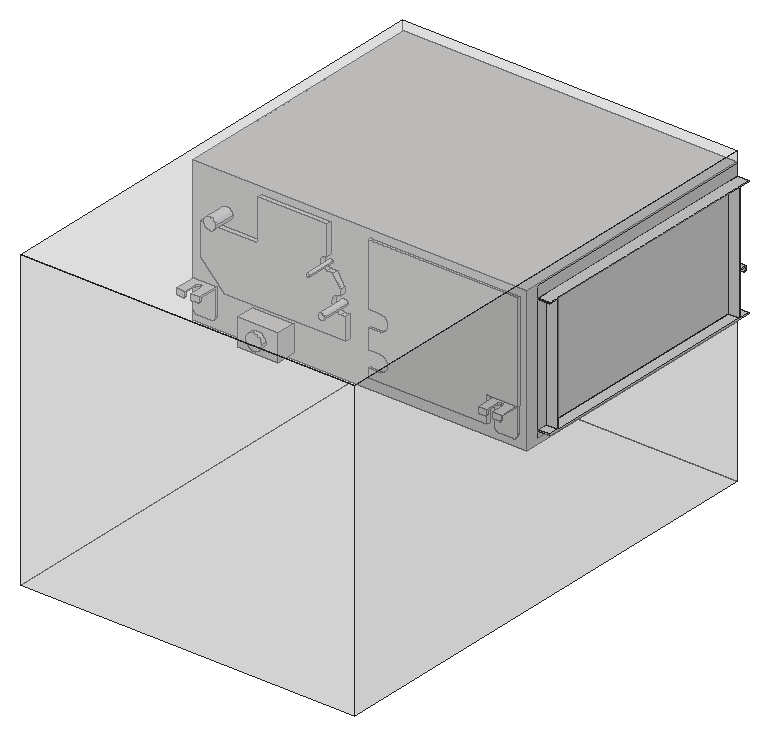
Revit family "outputfile", category 機械設備, Revit 2024
Family settings
  丸型コネクタ寸法 = 半径を使用
  パーツ タイプ = 標準
  OmniClass 番号 = 23.75.10.24.21.27.27
  OmniClass タイトル = Split System Air Conditioning Units
  作業面ベース = いいえ
  常に垂直 = はい
  ロード時にボイドで切り取り = いいえ
  注釈の向きを維持 = いいえ
  共有 = いいえ
  部屋計算ポイント = はい
Parameters (values of type "FXMQ32PAV4")
  Description = ""
  製造元 = "Daikin"
  書き出し IFC クラス(タイプ) = "IfcUnitaryEquipmentType"
  定義済み IFC タイプ(タイプ) = "AIRCONDITIONINGUNIT"
  Cost = 0
  モデル = "FXMQ32PAV4"
  Type Comments = ""
  Keynote = ""
  Type Image = (empty or 0)
  Assembly Code = ""
  r_Liquid Pipe Size = Liquid Pipe Size / 2  # 3.2 mm
  r_Gas Pipe Size = Gas Pipe Size / 2  # 6.35 mm
  r_Drain Pipe Size = Drain Pipe Size / 2  # 12.5 mm
  lw_power = 396.0 mm  # constant formula
  lh_SA = 165.0 mm  # constant formula
  lw_SA = if(Depth = 550.0 mm, 210.0 mm, if(Depth = 700.0 mm, 285.0 mm, if(Depth = 1000.0 mm, 435.0 mm, 635.0 mm)))  # 210.0 mm
  lw_RA = if(Depth = 550.0 mm, 288.0 mm, if(Depth = 700.0 mm, 363.0 mm, if(Depth = 1000.0 mm, 513.0 mm, 713.0 mm)))  # 288.0 mm
  lh_power = 60.0 mm + [h***]  # 60.0 mm
  lh_mountinghole1 = lh_mountinghole + [h***]  # 80.0 mm
  lh_RA = 150.0 mm  # constant formula
  ld_power = Depth / 2  # 275.0 mm
  Voltage_comment_60Hz = "220"
  Voltage_comment_50Hz = "220-240"
  Voltage_60Hz = 220 V
  Voltage_50Hz = 220 V
  URL = ""
  Supply Air Direction [instance] = yes
  Sound Power Level_H speed (dB) = 52
  Phase_60Hz = 1
  Phase_50Hz = 1
  Minimum External Static Pressure = 50.00 Pa
  Minimum Circuit Amps_60Hz = 0.6 A
  Minimum Circuit Amps_50Hz = 0.6 A
  Maximum Fuse Amps_60Hz = 16.0 A
  Maximum Fuse Amps_50Hz = 16.0 A
  Maximum External Static Pressure = 100.00 Pa
  Material_Casing = DAIKIN_GalvanizedSteel_Casing_indoorunit
  lw_mountinghole = 631.0 mm  # constant formula
  lh_gaspipe = 144.0 mm + [h***]  # 144.0 mm
  lh_mountinghole = 80.0 mm  # constant formula
  lh_liquidpipe = 212.0 mm + [h***]  # 212.0 mm
  lh_drainpipe = 232.0 mm + [h***]  # 232.0 mm
  lh_antena = Height - lh_mountinghole + 1.0 mm  # 221.0 mm
  ld_drainpipe = Depth / 2 + 54.0 mm  # 329.0 mm
  ld_liquidpipe = 335.0 mm
  ld_gaspipe = 335.0 mm
  ld_mountinghole = Depth + 38.0 mm  # 588.0 mm
  h*** = 0.0 mm  # constant formula
  lw_liquidpipe = 290.0 mm  # constant formula
  lw_gaspipe = 318.0 mm  # constant formula
  lw_drainpipe = 80.0 mm  # constant formula
  Width = 700.0 mm
  Version = "ver.1.0"
  Unit Type = "Middle-High Static Pressure Duct Type"
  Unit Mass Weight = 25.00 kg
  Unit Designation [instance] = ""
  Uniclass2015Version = "Products v1.30"
  Uniclass2015Title = "Variable refrigerant flow units"
  Uniclass2015Code = "Pr_70_65_03_94"
  Total Heating Capacity [instance] = 0.000 kW
  Total Cooling Capacity [instance] = 0.000 kW
  Sound Pressure Level_M speed (dBA) = 0
  Sound Pressure Level_L speed (dBA) = 30
  Sound Pressure Level_H speed (dBA) = 34
  Series = "VRV Fan Coil Unit"
  Sensible Cooling Capacity [instance] = 0.000 kW
  SA Duct Size Width = if(Depth = 550.0 mm, 310.0 mm, if(Depth = 700.0 mm, 460.0 mm, if(Depth = 1000.0 mm, 760.0 mm, 1160.0 mm)))  # 310.0 mm
  SA Duct Size Height = 215.0 mm
  Refrigerant Type = "R410A"
  RA Duct Size Width = if(Depth = 550.0 mm, 475.0 mm, if(Depth = 700.0 mm, 625.0 mm, if(Depth = 1000.0 mm, 925.0 mm, 1325.0 mm)))  # 475.0 mm
  RA Duct Size Height = 247.0 mm
  Power Input (Heating) = 0.073 kW
  Power Input (Cooling) = 0.085 kW
  Option Accessory 3 [instance] = ""
  Option Accessory 2 [instance] = ""
  Option Accessory 1 [instance] = ""
  Nominal Heating Capacity = 4.000 kW
  Nominal Cooling Capacity = 3.600 kW
  Minimum Airflow = 420.00 m³/h
  Median Airflow = 480.00 m³/h
  Maximum Airflow = 570.00 m³/h
  Load Classification = HVAC
  Liquid Pipe Size = 6.4 mm
  Link_Nested Family [instance] = ""
  IfcVersion = "0"
  IfcExportType = "AIRCONDITIONINGUNIT"
  IfcExportAs = "IfcUnitaryEquipmentType"
  Height = 300.0 mm
  Heating Entering Wet Bulb Temperature [instance] = 0.00 °C
  Heating Entering Dry Bulb Temperature [instance] = 0.00 °C
  Heating Ambient Wet Bulb Temperature [instance] = 0.00 °C
  Heating Ambient Dry Bulb Temperature [instance] = 0.00 °C
  Heat Exchanger Type = "Cross Fin Coil"
  Gas Pipe Size = 12.7 mm
  Frequency_60Hz = 60 Hz
  Frequency_50Hz = 50 Hz
  Fan Type = "Sirocco Fan"
  Fan Drive = "Direct Drive"
  FCU Tag No. [instance] = ""
  Drain Pipe Size = 25.0 mm
  Design Supply Airflow [instance] = 0.00 m³/h
  Design Return Airflow [instance] = 0.00 m³/h
  Design External Static Pressure [instance] = 0.00 Pa
  Depth = 550.0 mm
  既定の高さ = 0.0 mm
  Cooling Entering Wet Bulb Temperature [instance] = 0.00 °C
  Cooling Entering Dry Bulb Temperature [instance] = 0.00 °C
  Cooling Ambient Wet Bulb Temperature [instance] = 0.00 °C
  Cooling Ambient Dry Bulb Temperature [instance] = 0.00 °C
  Clearance visibility [instance] = yes
  Clearance Top = 20.0 mm
  Clearance Right = 0.0 mm
  Clearance Rear = 0.0 mm
  Clearance Left = 0.0 mm
  Clearance Front = 450.0 mm
  Clearance Bottom = 300.0 mm
Reference planes
  plane 1 "Center (Front/Back)": y = 0
  plane 2 "h": z = 0
  plane 3 "Center (Left/Right)": x = 0
  plane 4 "Back": y = 275
  plane 5 "Front": y = -275
  plane 6 "Left": x = -350
  plane 7 "Reight": x = 350
  plane 8 "Top": z = 0
  plane 9 "Bottom": z = -300
  plane 10: y = -215
  plane 11: y = 275
  plane 12: y = -725
  plane 13: x = -350
  plane 14: x = 350
  plane 15: z = 20
  plane 16: z = -600
  plane 17: x = -350
  plane 18: z = -135
  plane 19: x = -349
  plane 20: x = 349
  plane 21: y = 65
  plane 22: y = 13
  plane 23: z = -150
  plane 24: y = -285.8
  plane 25: z = -14
  plane 26: z = -219
  plane 27: x = -324
  plane 28: x = -60
  plane 29: x = -20
  plane 30: z = -156
  plane 31: x = -32
  plane 32: z = -88
  plane 33: x = 23
  plane 34: x = 335
  plane 35: z = -15.8
  plane 36: z = -274.8
  plane 37: z = -219.8
  plane 38: x = 271
  plane 39: x = -223.3
  plane 40: x = -138.3
  plane 41: z = -232.7
  plane 42: z = -288.5
  plane 43: y = -316
  plane 44: x = -181
  plane 45: z = -260
  plane 46: y = -326
  plane 47: z = -163.8
  plane 48: z = -239.8
  plane 49: x = 46
  plane 50: z = -88
  plane 51: x = -60
  plane 52: y = -335
  plane 53: z = -156
  plane 54: x = -32
  plane 55: y = -329
  plane 56: z = -68
  plane 57: x = -270
  plane 58: x = -270
  plane 59: x = -60
  plane 60: x = -32
  plane 61: x = 46
  plane 62: x = -323
  plane 63: x = 308
  plane 64: y = -294
  plane 65: y = 294
  plane 66: z = -220
  plane 67: y = -281
  plane 68: x = -204
  plane 69: z = -100.2
  plane 70: x = -374
  plane 71: x = 374
Forms (mm)
  Extrusion 1, solid, material "DAIKIN_GalvanizedSteel_Casing_indoorunit" <- "Material_Casing"
    sketch origin (0, 0, 0) x (1, 0, 0) y (0, 1, 0)
      loop
        line (-349, 275) -> (-349, -275) -> (349, -275) -> (349, 275) -> (-349, 275)
    from -300 to 0
  Extrusion 2, solid, material "DAIKIN_GalvanizedSteel_Casing_indoorunit" <- "Material_Casing"
    sketch origin (0, 0, 0) x (1, 0, 0) y (0, 0, 1)
      loop
        line (-324, -100.2) -> (-324, -168) -> (-273, -219) -> (-20, -219) -> (-20, -173.5) -> (-32, -173.5)
        arc (-32, -173.5) -> (-49.5, -156) -> (-32, -138.5) r 17.5
        line (-32, -138.5) -> (-32, -127.5) -> (-47, -101) -> (-60, -101)
        arc (-60, -101) -> (-73, -88) -> (-60, -75) r 13
        line (-60, -75) -> (-60, -14) -> (-204, -14) -> (-204, -100.2) -> (-324, -100.2)
    from 275 to 285.8
  Extrusion 3, solid, material "DAIKIN_GalvanizedSteel_Casing_indoorunit" <- "Material_Casing"
    sketch origin (0, 0, 0) x (1, 0, 0) y (0, 0, 1)
      loop
        line (23, -274.8) -> (271, -274.8) -> (271, -219.8) -> (335, -219.8) -> (335, -15.8) -> (23, -15.8) -> (23, -146.3) -> (46, -146.3)
        arc (46, -146.3) -> (63.5, -163.8) -> (46, -181.3) r 17.5
        line (46, -181.3) -> (23, -181.3) -> (23, -222.3) -> (46, -222.3)
        arc (46, -222.3) -> (63.5, -239.8) -> (46, -257.3) r 17.5
        line (46, -257.3) -> (23, -257.3) -> (23, -274.8)
    from 275 to 281
  Extrusion 4, solid, material "DAIKIN_GalvanizedSteel_Casing_indoorunit" <- "Material_Casing"
    sketch origin (0, 0, 0) x (1, 0, 0) y (0, 0, 1)
      loop
        line (-223.3, -232.7) -> (-223.3, -288.5) -> (-138.3, -288.5) -> (-138.3, -232.7) -> (-223.3, -232.7)
    from 275 to 316
  Extrusion 5, solid, material "DAIKIN_GalvanizedSteel_Casing_indoorunit" <- "Material_Casing"
    sketch origin (0, 0, 0) x (1, 0, 0) y (0, 0, 1)
      loop
        circle (-181, -260) r 16.5
    from 316 to 326
  Extrusion 6, solid
    sketch origin (0, 0, 0) x (1, 0, 0) y (0, 0, 1)
      loop
        circle (-60, -88) r 3.2
    from 275 to 335
  Extrusion 7, solid
    sketch origin (0, 0, 0) x (1, 0, 0) y (0, 0, 1)
      loop
        circle (-32, -156) r 6.35
    from 275 to 335
  Extrusion 8, solid
    sketch origin (0, 0, 0) x (1, 0, 0) y (0, 0, 1)
      loop
        circle (-270, -68) r 12.5
    from 285.8 to 329
Dimensions and locks
  "Height": plane 8 "Top" to plane 9 "Bottom"
  equal spacing: plane 4 "Back", plane 1 "Center (Front/Back)", plane 5 "Front"
  "Depth": plane 4 "Back" to plane 5 "Front"
  equal spacing: plane 6 "Left", plane 3 "Center (Left/Right)", plane 7 "Reight"
  "Width": plane 6 "Left" to plane 7 "Reight"
  "Clearance Left": plane 13 to plane 6 "Left"
  "Clearance Right": plane 7 "Reight" to plane 14
  "Clearance Rear": plane 11 to plane 4 "Back"
  "Clearance Front": plane 5 "Front" to plane 12
  "Clearance Top": plane 15 to plane 8 "Top"
  "Clearance Bottom": plane 9 "Bottom" to plane 16
  "lh_SA": plane 18 to plane 9 "Bottom"
  locked: plane 17 to plane 19 at 1
  locked: plane 20 to plane 14 at 1
  "lw_SA": plane 11 to plane 21
  "lw_RA": plane 22 to plane 5 "Front"
  "lh_RA": plane 23 to plane 9 "Bottom"
  locked: plane 5 "Front" to plane 24 at 10.8
  plane 29 to plane 28 to plane 27 to plane 6 "Left" = 40.0 mm, 264.0 mm, 26.0 mm
  locked: plane 31 to plane 6 "Left" at 318
  plane 34 to plane 33 to plane 6 "Left" = 312.0 mm locked, 373.0 mm locked
  locked: plane 34 to plane 38 at 64
  locked: plane 37 to plane 36 at 55
  plane 40 to plane 39 to plane 6 "Left" = 85.0 mm locked, 126.7 mm locked
  locked: plane 5 "Front" to plane 43 at 41
  locked: plane 44 to plane 6 "Left" at 169
  locked: plane 43 to plane 46 at 10
  plane 47 to plane 48 to plane 36 = 76.0 mm locked, 35.0 mm locked
  locked: plane 49 to plane 33 at 23
  "lw_liquidpipe": plane 51 to plane 6 "Left"
  "lh_liquidpipe": plane 50 to plane 9 "Bottom"
  "lh_gaspipe": plane 53 to plane 9 "Bottom"
  "lw_gaspipe": plane 54 to plane 6 "Left"
  "ld_gaspipe": plane 52 to plane 1 "Center (Front/Back)"
  "ld_drainpipe": plane 55 to plane 1 "Center (Front/Back)"
  "lh_drainpipe": plane 56 to plane 9 "Bottom"
  "lw_drainpipe": plane 57 to plane 6 "Left"
  "lw_drainpipe": plane 6 "Left" to plane 58
  "lw_liquidpipe": plane 6 "Left" to plane 59
  "lw_gaspipe": plane 6 "Left" to plane 60
  "lw_power": plane 6 "Left" to plane 61
  plane 17 to plane 62 = 27.0 mm
  "lw_mountinghole": plane 62 to plane 63
  equal spacing: plane 64, plane 1 "Center (Front/Back)", plane 65
  "ld_mountinghole": plane 65 to plane 64
  "lh_mountinghole": plane 66 to plane 9 "Bottom"
  plane 8 "Top" to plane 41 to plane 42 = 232.7 mm locked, 55.8 mm locked
  locked: plane 8 "Top" to plane 45 at 260
  plane 8 "Top" to plane 25 to plane 26 = 14.0 mm locked, 205.0 mm locked
  plane 8 "Top" to plane 32 to plane 30 = 88.0 mm locked, 68.0 mm locked
  plane 8 "Top" to plane 35 to plane 36 = 15.8 mm locked, 259.0 mm locked
  locked: plane 5 "Front" to plane 67 at 6
  locked: plane 25 to plane 69 at 86.2
  locked: plane 27 to plane 68 at 120
  locked: plane 70 to plane 6 "Left" at 24
  locked: plane 14 to plane 71 at 24
  "r_Liquid Pipe Size": radius of Extrusion 6 sketch curve
  "r_Gas Pipe Size": radius of Extrusion 7 sketch curve
  "r_Drain Pipe Size": radius of Extrusion 8 sketch curve
  aligned and locked: level to plane 2 "h"
  aligned and locked: plane 8 "Top" to Extrusion 1
  aligned and locked: Extrusion 1 to plane 9 "Bottom"
  aligned and locked: nested 5 to plane 12
  aligned and locked: plane 13 to nested 5
  aligned and locked: plane 14 to nested 5
  aligned and locked: nested 5 to plane 13
  aligned and locked: plane 11 to nested 5
  aligned and locked: plane 15 to nested 5
  aligned and locked: plane 16 to nested 5
  aligned and locked: plane 5 "Front" to Extrusion 1 sketch curve
  aligned and locked: Extrusion 1 to plane 19
  aligned and locked: plane 20 to Extrusion 1
  aligned and locked: nested 7 to plane 19
  aligned and locked: nested 7 to plane 21
  aligned and locked: plane 18 to nested 7
  aligned and locked: plane 20 to nested 8
  aligned and locked: plane 22 to nested 8
  aligned and locked: plane 23 to nested 8
  aligned and locked: Extrusion 2 to plane 24
  aligned and locked: plane 5 "Front" to Extrusion 2
  aligned and locked: plane 36 to Extrusion 3 sketch curve
  aligned and locked: plane 38 to Extrusion 3 sketch curve
  aligned and locked: plane 37 to Extrusion 3 sketch curve
  aligned and locked: Extrusion 3 sketch curve to plane 34
  aligned and locked: Extrusion 3 sketch curve to plane 35
  aligned and locked: Extrusion 3 sketch curve to plane 33
  aligned and locked: plane 5 "Front" to Extrusion 3
  aligned and locked: Extrusion 4 sketch curve to plane 41
  aligned and locked: Extrusion 4 sketch curve to plane 39
  aligned and locked: plane 42 to Extrusion 4 sketch curve
  aligned and locked: plane 40 to Extrusion 4 sketch curve
  aligned and locked: Extrusion 4 to plane 43
  aligned and locked: plane 5 "Front" to Extrusion 4
  aligned and locked: Extrusion 5 sketch curve to plane 44
  aligned and locked: plane 45 to Extrusion 5 sketch curve
  aligned and locked: Extrusion 5 to plane 46
  aligned and locked: plane 43 to Extrusion 5
  aligned and locked: Extrusion 6 sketch curve to plane 51
  aligned and locked: plane 50 to Extrusion 6 sketch curve
  aligned and locked: Extrusion 6 to plane 52
  aligned and locked: plane 5 "Front" to Extrusion 6
  aligned and locked: Extrusion 7 sketch curve to plane 54
  aligned and locked: plane 53 to Extrusion 7 sketch curve
  aligned and locked: Extrusion 7 to Extrusion 6
  aligned and locked: plane 5 "Front" to Extrusion 7
  aligned and locked: Extrusion 8 sketch curve to plane 57
  aligned and locked: plane 56 to Extrusion 8 sketch curve
  aligned and locked: Extrusion 8 to plane 55
  aligned and locked: plane 24 to Extrusion 8
  aligned and locked: nested 3 to plane 55
  aligned and locked: plane 58 to nested 3
  aligned and locked: nested 2 to plane 59
  aligned and locked: nested 2 to plane 52
  aligned and locked: nested 1 to plane 60
  aligned and locked: Extrusion 7 to plane 52
  aligned and locked: nested 1 to plane 52
  aligned and locked: nested 6 to plane 5 "Front"
  aligned and locked: plane 61 to nested 6
  aligned and locked: plane 62 to nested 10
  aligned and locked: nested 10 to plane 5 "Front"
  aligned and locked: plane 63 to nested 9
  aligned and locked: nested 9 to plane 5 "Front"
  aligned and locked: nested 11 to plane 62
  aligned and locked: plane 4 "Back" to nested 11
  aligned and locked: nested 12 to plane 63
  aligned and locked: plane 4 "Back" to nested 12
  aligned and locked: plane 66 to nested 10
  aligned and locked: plane 66 to nested 11
  aligned and locked: plane 66 to nested 9
  aligned and locked: plane 66 to nested 12
  aligned and locked: plane 62 to nested 14
  aligned and locked: nested 14 to plane 65
  aligned and locked: plane 63 to nested 13
  aligned and locked: nested 13 to plane 65
  aligned and locked: plane 63 to nested 16
  aligned and locked: plane 64 to nested 16
  aligned and locked: plane 64 to nested 15
  aligned and locked: plane 62 to nested 15
  aligned and locked: Extrusion 3 to plane 67
  aligned and locked: Extrusion 2 sketch curve to plane 68
  aligned and locked: plane 69 to Extrusion 2 sketch curve
  aligned and locked: nested 17 to plane 21
  aligned and locked: nested 17 to plane 70
  aligned and locked: plane 18 to nested 17
  aligned and locked: plane 22 to nested 18
  aligned and locked: plane 71 to nested 18
  aligned and locked: nested 18 to plane 23
  aligned and locked: nested 4 to plane 3 "Center (Left/Right)"
  aligned and locked: plane 1 "Center (Front/Back)" to nested 4
  aligned and locked: level to plane 8 "Top"
Automatic sketch dimensions
  plane 6 "Left" to Extrusion 1 sketch curve = 1.0 mm
  Extrusion 1 sketch curve to plane 7 "Reight" = 1.0 mm
  Extrusion 1 sketch curve to plane 4 "Back" = 0.0 mm
  Extrusion 3 sketch curve to plane 33 = 0.0 mm  (x2)
  Extrusion 3 sketch curve to plane 47 = 0.0 mm
  Extrusion 3 sketch curve to plane 49 = 0.0 mm  (x4)
  Extrusion 3 sketch curve to plane 48 = 0.0 mm
  Extrusion 3 sketch curve to plane 37 = 2.5 mm
  plane 23 to Extrusion 3 sketch curve = 3.7 mm
  plane 27 to Extrusion 2 sketch curve = 0.0 mm
  Extrusion 2 sketch curve to plane 26 = 0.0 mm
  Extrusion 2 sketch curve to plane 28 = 0.0 mm
  Extrusion 2 sketch curve to plane 31 = 0.0 mm
  Extrusion 2 sketch curve to plane 29 = 0.0 mm
  Extrusion 2 sketch curve to plane 30 = 0.0 mm
  Extrusion 2 sketch curve to plane 32 = 0.0 mm
  Extrusion 2 sketch curve to plane 25 = 0.0 mm
  Extrusion 2 sketch curve to Extrusion 2 sketch curve = 13.0 mm
  Extrusion 2 sketch curve to Extrusion 2 sketch curve = 17.5 mm
  plane 18 to Extrusion 2 sketch curve = 7.5 mm
  Extrusion 2 sketch curve to plane 58 = 3.0 mm
  Extrusion 2 sketch curve to plane 30 = 12.0 mm
  Extrusion 2 sketch curve to Extrusion 2 sketch curve = 0.8 mm
  radius of Extrusion 5 sketch curve = 16.5 mm
Nested families
  nested 1: "daikin_connector_rotate2" at (-32, 0, -156), length <- "ld_gaspipe", built-in parameter 1001364 <- "lh_gaspipe", radius <- "r_Gas Pipe Size", type "daikin_connector_rotate2"
    with radius 6.35 mm, length 335.0 mm, angle_vertical 90.00°
  nested 2: "daikin_connector_rotate2" at (-60, 0, -88), length <- "ld_liquidpipe", built-in parameter 1001364 <- "lh_liquidpipe", radius <- "r_Liquid Pipe Size", type "daikin_connector_rotate2"
    with radius 3.2 mm, length 335.0 mm, angle_vertical 90.00°
  nested 3: "daikin_connector_rotate2" at (-270, 0, -68), length <- "ld_drainpipe", built-in parameter 1001364 <- "lh_drainpipe", radius <- "r_Drain Pipe Size", type "daikin_connector_rotate2"
    with radius 12.5 mm, length 329.0 mm, angle_vertical 90.00°
  nested 4: "daikin_△_symbolicline" at (0, 0, 300) x (0, -1, 0) z (0, 0, 1), built-in parameter 1001364 <- "Height", visible <- "Supply Air Direction", type "daikin_△_symbolicline"
    with length 200.0 mm
  nested 5: "daikin_clearancespace" at (0, -225, -289.881), visible <- "Clearance visibility", show <- "Clearance visibility", Link_Nested Family <- "Link_Nested Family", type "daikin_clearancespace"
    with width 700.0 mm, show yes, height 620.0 mm, depth 1000.0 mm, Link_Nested Family ""
  nested 6: "daikin_connector_rotate2" at (46, 0, -240), built-in parameter 1001364 <- "lh_power", length <- "ld_power", type "daikin_connector_rotate2"
    with radius 10.0 mm, length 275.0 mm, angle_vertical 90.00°
  nested 7: "daikin_ductflange_FXMQ-PAV4_2" at (-349, 65, -135) x (0, -1, 0) z (0, 0, 1), type "daikin_ductflange_FXMQ-PAV4_2"
  nested 8: "daikin_ductflange_FXMQ-PAV4_1" at (349, 13, -150) x (0, 1, 0) z (0, 0, 1), type "daikin_ductflange_FXMQ-PAV4_1"
  nested 9: "daikin_hangerfixture_FXMQ-PAV4" at (308, -275, -220), type "daikin_hangerfixture_FXMQ-PAV4"
  nested 10: "daikin_hangerfixture_FXMQ-PAV4" at (-323, -275, -220), type "daikin_hangerfixture_FXMQ-PAV4"
  nested 11: "daikin_hangerfixture_FXMQ-PAV4" at (-323, 275, -220) x (-1, 0, 0) z (0, 0, 1), type "daikin_hangerfixture_FXMQ-PAV4"
  nested 12: "daikin_hangerfixture_FXMQ-PAV4" at (308, 275, -220) x (-1, 0, 0) z (0, 0, 1), type "daikin_hangerfixture_FXMQ-PAV4"
  nested 13: "daikin_mountinghole" at (308, 294, -300), h_mountinghole <- "lh_mountinghole1", l_antenna <- "lh_antena", Link_Nested Family <- "Link_Nested Family", type "daikin_mountinghole"
    with show yes, l_antenna 221.0 mm, h_mountinghole 80.0 mm, Link_Nested Family ""
  nested 14: "daikin_mountinghole" at (-323, 294, -300), h_mountinghole <- "lh_mountinghole1", l_antenna <- "lh_antena", Link_Nested Family <- "Link_Nested Family", type "daikin_mountinghole"
    with show yes, l_antenna 221.0 mm, h_mountinghole 80.0 mm, Link_Nested Family ""
  nested 15: "daikin_mountinghole" at (-323, -294, -300), h_mountinghole <- "lh_mountinghole1", l_antenna <- "lh_antena", Link_Nested Family <- "Link_Nested Family", type "daikin_mountinghole"
    with show yes, l_antenna 221.0 mm, h_mountinghole 80.0 mm, Link_Nested Family ""
  nested 16: "daikin_mountinghole" at (308, -294, -300), h_mountinghole <- "lh_mountinghole1", l_antenna <- "lh_antena", Link_Nested Family <- "Link_Nested Family", type "daikin_mountinghole"
    with show yes, l_antenna 221.0 mm, h_mountinghole 80.0 mm, Link_Nested Family ""
  nested 17: "daikin_connector_rotate2" at (-350, 65, -135) x (0, -1, 0) z (0, 0, 1), type "daikin_connector_rotate2"
    with radius 10.0 mm, length 24.0 mm, angle_vertical 90.00°
  nested 18: "daikin_connector_rotate2" at (350, 13, -150) x (0, 1, 0) z (0, 0, 1), type "daikin_connector_rotate2"
    with radius 10.0 mm, length 24.0 mm, angle_vertical 90.00°
Connectors
  piping at (-270, -329, -68), diameter 25, driven by "r_Drain Pipe Size"
    settings: on nested 3, index 3, connector inside diameter 609.6 mm, connector length 0.0 mm, flow factor 0, pipe flow 0.00 m³/h, pressure drop 0.0 Pa, fitting loss kfactor 0, connector angle 0.00°, fixture units 0, engagement length 0.0 mm, angle of deflection 0.00°, flow configuration 1, flow direction 2, fitting loss method 4, system type 16, joint type 0, gender type 0, connector reference index -1, connector utility 0, adjustable connector no, is connector primary yes, connector description "Condensate Drain Piping"
  piping at (-32, -335, -156), diameter 12.7, driven by "r_Gas Pipe Size"
    settings: on nested 1, index 4, connector inside diameter 609.6 mm, connector length 0.0 mm, flow factor 0, pipe flow 0.00 m³/h, pressure drop 0.0 Pa, fitting loss kfactor 0, connector angle 0.00°, fixture units 0, engagement length 0.0 mm, angle of deflection 0.00°, flow configuration 1, flow direction 2, fitting loss method 0, system type 29, joint type 0, gender type 0, connector reference index -1, connector utility 0, adjustable connector no, is connector primary no, connector description "Refrigerant Gas Piping"
  piping at (-60, -335, -88), diameter 6.4, driven by "r_Liquid Pipe Size"
    settings: on nested 2, index 5, connector inside diameter 609.6 mm, connector length 0.0 mm, flow factor 0, pipe flow 0.00 m³/h, pressure drop 0.0 Pa, fitting loss kfactor 0, connector angle 0.00°, fixture units 0, engagement length 0.0 mm, angle of deflection 0.00°, flow configuration 1, flow direction 1, fitting loss method 0, system type 29, joint type 0, gender type 0, connector reference index -1, connector utility 0, adjustable connector no, is connector primary no, connector description "Refrigerant Liquid Piping"
  electrical at (46, -275, -240), driven by "Load Classification"
    settings: on nested 6, index 6, voltage 0 V, apparent load 0 VA, apparent load phase1 0 VA, apparent load phase2 0 VA, apparent load phase3 0 VA, power factor 1, load classification "HVAC", number of poles 1, system type 30, power factor state 1, is connector primary yes, connector utility no, sub classification motor no, connector description "Power Supply"
  hvac at (-374, 65, -135), driven by "SA Duct Size Height", driven by "SA Duct Size Width"
    settings: on nested 17, index 7, duct flow 0.00 m³/h, flow factor 0, pres drop 0.00 Pa, loss coef 0, conn angle 0.00°, conn width 310.0 mm, conn height 215.0 mm, conn diameter 609.6 mm, duct sys type 1, conn prof type 1, flow config 0, flow direction 2, loss method 4, conn ref index -1, conn util no, is conn primary yes, conn desc "SA Duct"
  hvac at (374, 13, -150), driven by "RA Duct Size Height", driven by "RA Duct Size Width"
    settings: on nested 18, index 8, duct flow 0.00 m³/h, flow factor 0, pres drop 0.00 Pa, loss coef 0, conn angle 0.00°, conn width 475.0 mm, conn height 247.0 mm, conn diameter 609.6 mm, duct sys type 2, conn prof type 1, flow config 0, flow direction 1, loss method 4, conn ref index -1, conn util no, is conn primary no, conn desc "RA Duct"
Definition of nested family "daikin_clearancespace"
  Parameters (values of type "daikin_clearancespace")
    width [instance] = 1823.963 mm
    show [instance] = yes
    material = none
    height [instance] = 1359.762 mm
    depth [instance] = 880.0 mm
    Default Elevation = 0.0 mm
    Link_Nested Family [instance] = ""
  Reference planes
    plane 1 "Center (Front/Back)": y = 0
    plane 2 "Center (Elevation)": z = -0.119
    plane 3 "Center (Left/Right)": x = 0
    plane 4: y = 440
    plane 5: y = -440
    plane 6 "Right": x = 911.982
    plane 7 "Left": x = -911.982
    plane 8 "Top": z = 679.762
    plane 9 "Bottom": z = -680
  Forms (mm)
    Extrusion 1, solid, material <- "material", visible <- "show"
      sketch origin (0, 0, 0) x (1, 0, 0) y (0, 1, 0)
        loop
          line (-911.982, 440) -> (-911.982, -440) -> (911.982, -440) -> (911.982, 440) -> (-911.982, 440)
      from -680 to 679.762
  Lines and regions (mm)
    symbolic lines, visible <- "show"
      curve 1: line (911.982, 440, 0) -> (-911.982, 440, 0)
      curve 2: line (-911.982, 440, 0) -> (-911.982, -440, 0)
      curve 3: line (-911.982, -440, 0) -> (911.982, -440, 0)
      curve 4: line (911.982, -440, 0) -> (911.982, 440, 0)
      curve 5: line (911.982, 0, 679.762) -> (-911.982, 0, 679.762)
      curve 6: line (911.982, 0, -680) -> (911.982, 0, 679.762)
      curve 7: line (-911.982, 0, -680) -> (911.982, 0, -680)
      curve 8: line (-911.982, 0, 679.762) -> (-911.982, 0, -680)
      curve 9: line (0, 440, 679.762) -> (0, -440, 679.762)
      curve 10: line (0, -440, 679.762) -> (0, -440, -680)
      curve 11: line (0, 440, -680) -> (0, 440, 679.762)
      curve 12: line (0, -440, -680) -> (0, 440, -680)
  Dimensions and locks
    "width": plane 7 "Left" to plane 6 "Right"
    "depth": plane 4 to plane 5
    "height": plane 8 "Top" to plane 9 "Bottom"
    equal spacing: plane 7 "Left", plane 3 "Center (Left/Right)", plane 6 "Right"
    equal spacing: plane 4, plane 1 "Center (Front/Back)", plane 5
    equal spacing: plane 8 "Top", plane 2 "Center (Elevation)", plane 9 "Bottom"
    aligned and locked: level to plane 2 "Center (Elevation)"
    aligned and locked: Extrusion 1 sketch curve to plane 4
    aligned and locked: plane 7 "Left" to Extrusion 1 sketch curve
    aligned and locked: Extrusion 1 sketch curve to plane 5
    aligned and locked: Extrusion 1 sketch curve to plane 6 "Right"
    aligned and locked: plane 8 "Top" to Extrusion 1
    aligned and locked: curve 1 to Extrusion 1
    aligned and locked: curve 2 to Extrusion 1
    aligned and locked: curve 3 to Extrusion 1
    aligned and locked: curve 4 to Extrusion 1
    aligned and locked: curve 5 to Extrusion 1
    aligned and locked: curve 6 to Extrusion 1
    aligned and locked: curve 7 to Extrusion 1
    aligned and locked: curve 8 to Extrusion 1
    aligned and locked: curve 9 to Extrusion 1
    aligned and locked: curve 10 to Extrusion 1
    aligned and locked: curve 11 to Extrusion 1
    aligned and locked: curve 12 to Extrusion 1
    aligned and locked: Extrusion 1 to plane 9 "Bottom"
Definition of nested family "daikin_ductflange_FXMQ-PAV4_2"
  Parameters (values of type "daikin_ductflange_FXDSQ-AVM2")
    width = if(w = 550.0 mm, 310.0 mm, if(w = 700.0 mm, 460.0 mm, if(w = 1000.0 mm, 760.0 mm, 1160.0 mm)))  # 310.0 mm
    material = none
    height = 215.0 mm
    depth = 1.0 mm
    w = 550.0 mm
    Default Elevation = 0.0 mm
  Reference planes
    plane 1 "Center (Front/Back)": y = 0
    plane 2: z = 0
    plane 3 "Center (Left/Right)": x = 0
    plane 4: z = 107.5
    plane 5: z = -107.5
    plane 6: y = -25
    plane 7: z = 132.5
    plane 8: z = 108.5
    plane 9: y = -1
    plane 10: x = -177.5
    plane 11: x = 177.5
    plane 12: z = -132.5
    plane 13: z = -108.5
    plane 14: y = -1
    plane 15: x = 155
    plane 16: x = -155
    plane 17: x = 156
    plane 18: z = 106.5
    plane 19: z = -106.5
    plane 20: x = -156
    plane 21: z = 106.5
    plane 22: z = -106.5
    plane 23: y = -1
  Forms (mm)
    Extrusion 1, solid, material <- "material"
      sketch origin (0, 0, 0) x (0, 1, 0) y (0, 0, 1)
        loop
          line (-25, 107.5) -> (0, 107.5) -> (0, 132.5) -> (-1, 132.5) -> (-1, 108.5) -> (-25, 108.5) -> (-25, 107.5)
      from -177.5 to 177.5
    Extrusion 2, solid, material <- "material"
      sketch origin (0, 0, 0) x (0, 1, 0) y (0, 0, 1)
        loop
          line (-25, -107.5) -> (-25, -108.5) -> (-1, -108.5) -> (-1, -132.5) -> (0, -132.5) -> (0, -107.5) -> (-25, -107.5)
      from -177.5 to 177.5
    Extrusion 3, solid, material <- "material"
      sketch origin (0, 0, 0) x (1, 0, 0) y (0, 0, 1)
        loop
          line (155, 107.5) -> (155, -107.5) -> (177.5, -107.5) -> (177.5, -106.5) -> (156, -106.5) -> (156, 106.5) -> (177.5, 106.5) -> (177.5, 107.5) -> (155, 107.5)
      from 0 to 25
    Extrusion 4, solid, material <- "material"
      sketch origin (0, 0, 0) x (1, 0, 0) y (0, 0, 1)
        loop
          line (-177.5, 107.5) -> (-177.5, 106.5) -> (-156, 106.5) -> (-156, -106.5) -> (-177.5, -106.5) -> (-177.5, -107.5) -> (-155, -107.5) -> (-155, 107.5) -> (-177.5, 107.5)
      from 0 to 25
    Extrusion 5, solid, material <- "material"
      sketch origin (0, 0, 0) x (1, 0, 0) y (0, 0, 1)
        loop
          line (-177.5, 107.5) -> (-177.5, -107.5) -> (-155, -107.5) -> (-155, 107.5) -> (-177.5, 107.5)
        loop
          line (177.5, 107.5) -> (155, 107.5) -> (155, -107.5) -> (177.5, -107.5) -> (177.5, 107.5)
      from 0 to 1
  Cuts and joins
    joined: Extrusion 1, Extrusion 2, Extrusion 3, Extrusion 4, Extrusion 5
  Dimensions and locks
    plane 4 to level to plane 5 = 107.5 mm locked, 107.5 mm locked
    locked: plane 6 to plane 1 "Center (Front/Back)" at 25
    locked: plane 9 to plane 1 "Center (Front/Back)" at 1
    locked: plane 8 to plane 4 at 1
    locked: plane 11 to plane 15 at 22.5
    locked: plane 16 to plane 10 at 22.5
    locked: plane 17 to plane 15 at 1
    locked: plane 4 to plane 18 at 1
    locked: plane 19 to plane 5 at 1
    "width": plane 15 to plane 16
    plane 4 to plane 5 = 215.0 mm
    equal spacing: plane 15, plane 3 "Center (Left/Right)", plane 16
    locked: plane 16 to plane 20 at 1
    locked: plane 4 to plane 21 at 1
    locked: plane 22 to plane 5 at 1
    locked: plane 23 to plane 1 "Center (Front/Back)" at 1
    aligned and locked: level to plane 2
    aligned and locked: Extrusion 1 to plane 10
    aligned and locked: plane 11 to Extrusion 1
    aligned and locked: plane 5 to Extrusion 2
    aligned and locked: Extrusion 2 to plane 1 "Center (Front/Back)"
    aligned and locked: plane 15 to Extrusion 3 sketch curve
    aligned and locked: Extrusion 3 sketch curve to Extrusion 2  (x2)
    aligned and locked: Extrusion 3 sketch curve to plane 11
    aligned and locked: plane 6 to Extrusion 3
    aligned and locked: Extrusion 2 to plane 10
    aligned and locked: plane 11 to Extrusion 2
    aligned and locked: Extrusion 4 sketch curve to Extrusion 1  (x2)
    aligned and locked: plane 5 to Extrusion 4 sketch curve
    aligned and locked: Extrusion 4 sketch curve to plane 16
    aligned and locked: Extrusion 4 sketch curve to plane 22
    aligned and locked: plane 20 to Extrusion 4 sketch curve
    aligned and locked: plane 21 to Extrusion 4 sketch curve
    aligned and locked: Extrusion 4 to plane 1 "Center (Front/Back)"
    aligned and locked: plane 6 to Extrusion 4
    aligned and locked: Extrusion 5 sketch curve to Extrusion 1  (x4)
    aligned and locked: Extrusion 5 sketch curve to Extrusion 4  (x2)
    aligned and locked: Extrusion 5 sketch curve to Extrusion 3  (x2)
    aligned and locked: Extrusion 5 to plane 1 "Center (Front/Back)"
    aligned and locked: plane 23 to Extrusion 5
  Automatic sketch dimensions
    Extrusion 1 sketch curve to plane 6 = 0.0 mm
    Extrusion 1 sketch curve to plane 7 = 0.0 mm
    Extrusion 1 sketch curve to plane 9 = 0.0 mm
    Extrusion 1 sketch curve to plane 1 "Center (Front/Back)" = 0.0 mm
    Extrusion 1 sketch curve to plane 4 = 0.0 mm
    Extrusion 1 sketch curve to plane 8 = 0.0 mm
    Extrusion 2 sketch curve to plane 6 = 0.0 mm
    plane 12 to Extrusion 2 sketch curve = 0.0 mm
    Extrusion 2 sketch curve to plane 14 = 0.0 mm
    Extrusion 2 sketch curve to plane 1 "Center (Front/Back)" = 0.0 mm
    plane 13 to Extrusion 2 sketch curve = 0.0 mm
    Extrusion 2 sketch curve to plane 5 = 0.0 mm
    Extrusion 3 sketch curve to plane 17 = 0.0 mm
    Extrusion 3 sketch curve to plane 19 = 0.0 mm
    Extrusion 3 sketch curve to plane 18 = 0.0 mm
    Extrusion 3 sketch curve to plane 4 = 0.0 mm
    Extrusion 4 sketch curve to plane 10 = 0.0 mm
Definition of nested family "daikin_ductflange_FXMQ-PAV4_1"
  Parameters (values of type "daikin_ductflange_FXDSQ-AVM")
    width = if(w = 550.0 mm, 475.0 mm, if(w = 700.0 mm, 625.0 mm, if(w = 1000.0 mm, 925.0 mm, 1325.0 mm)))  # 475.0 mm
    material = none
    height = 247.0 mm
    depth = 1.0 mm
    w = 550.0 mm
    Default Elevation = 0.0 mm
  Reference planes
    plane 1 "Center (Front/Back)": y = 0
    plane 2: z = 0
    plane 3 "Center (Left/Right)": x = 0
    plane 4: z = 123.5
    plane 5: z = -123.5
    plane 6: y = -25
    plane 7: z = 146.5
    plane 8: z = 124.5
    plane 9: y = -1
    plane 10: x = -260
    plane 11: x = 260
    plane 12: z = -137
    plane 13: z = -124.5
    plane 14: y = -1
    plane 15: x = 237.5
    plane 16: x = -237.5
    plane 17: x = 238.5
    plane 18: z = 122.5
    plane 19: z = -122.5
    plane 20: x = -238.5
    plane 21: z = 122.5
    plane 22: z = -122.5
    plane 23: y = -1
  Forms (mm)
    Extrusion 1, solid, material <- "material"
      sketch origin (0, 0, 0) x (0, 1, 0) y (0, 0, 1)
        loop
          line (-25, 123.5) -> (0, 123.5) -> (0, 146.5) -> (-1, 146.5) -> (-1, 124.5) -> (-25, 124.5) -> (-25, 123.5)
      from -260 to 260
    Extrusion 2, solid, material <- "material"
      sketch origin (0, 0, 0) x (0, 1, 0) y (0, 0, 1)
        loop
          line (-25, -123.5) -> (-25, -124.5) -> (-1, -124.5) -> (-1, -137) -> (0, -137) -> (0, -123.5) -> (-25, -123.5)
      from -260 to 260
    Extrusion 3, solid, material <- "material"
      sketch origin (0, 0, 0) x (1, 0, 0) y (0, 0, 1)
        loop
          line (237.5, 123.5) -> (237.5, -123.5) -> (260, -123.5) -> (260, -122.5) -> (238.5, -122.5) -> (238.5, 122.5) -> (260, 122.5) -> (260, 123.5) -> (237.5, 123.5)
      from 0 to 25
    Extrusion 4, solid, material <- "material"
      sketch origin (0, 0, 0) x (1, 0, 0) y (0, 0, 1)
        loop
          line (-260, 123.5) -> (-260, 122.5) -> (-238.5, 122.5) -> (-238.5, -122.5) -> (-260, -122.5) -> (-260, -123.5) -> (-237.5, -123.5) -> (-237.5, 123.5) -> (-260, 123.5)
      from 0 to 25
    Extrusion 5, solid, material <- "material"
      sketch origin (0, 0, 0) x (1, 0, 0) y (0, 0, 1)
        loop
          line (-260, 123.5) -> (-260, -123.5) -> (-237.5, -123.5) -> (-237.5, 123.5) -> (-260, 123.5)
        loop
          line (260, 123.5) -> (237.5, 123.5) -> (237.5, -123.5) -> (260, -123.5) -> (260, 123.5)
      from 0 to 1
  Cuts and joins
    joined: Extrusion 1, Extrusion 2, Extrusion 3, Extrusion 4, Extrusion 5
  Dimensions and locks
    plane 4 to level to plane 5 = 123.5 mm, 123.5 mm
    locked: plane 6 to plane 1 "Center (Front/Back)" at 25
    locked: plane 9 to plane 1 "Center (Front/Back)" at 1
    locked: plane 8 to plane 4 at 1
    locked: plane 11 to plane 15 at 22.5
    locked: plane 16 to plane 10 at 22.5
    locked: plane 17 to plane 15 at 1
    locked: plane 4 to plane 18 at 1
    locked: plane 19 to plane 5 at 1
    "width": plane 15 to plane 16
    equal spacing: plane 15, plane 3 "Center (Left/Right)", plane 16
    locked: plane 16 to plane 20 at 1
    locked: plane 4 to plane 21 at 1
    locked: plane 22 to plane 5 at 1
    locked: plane 23 to plane 1 "Center (Front/Back)" at 1
    equal spacing: plane 4, level, plane 5
    locked: plane 7 to plane 4 at 23
    locked: plane 5 to plane 12 at 13.5
    locked: plane 1 "Center (Front/Back)" to plane 14 at 1
    locked: plane 5 to plane 13 at 1
    locked: plane 4 to plane 5 at 247
    aligned and locked: level to plane 2
    aligned and locked: Extrusion 1 to plane 10
    aligned and locked: plane 11 to Extrusion 1
    aligned and locked: plane 5 to Extrusion 2
    aligned and locked: Extrusion 2 to plane 1 "Center (Front/Back)"
    aligned and locked: plane 15 to Extrusion 3 sketch curve
    aligned and locked: Extrusion 3 sketch curve to Extrusion 2  (x2)
    aligned and locked: Extrusion 3 sketch curve to plane 11
    aligned and locked: plane 6 to Extrusion 3
    aligned and locked: Extrusion 2 to plane 10
    aligned and locked: plane 11 to Extrusion 2
    aligned and locked: Extrusion 4 sketch curve to Extrusion 1  (x2)
    aligned and locked: plane 5 to Extrusion 4 sketch curve
    aligned and locked: Extrusion 4 sketch curve to plane 16
    aligned and locked: Extrusion 4 sketch curve to plane 22
    aligned and locked: plane 20 to Extrusion 4 sketch curve
    aligned and locked: plane 21 to Extrusion 4 sketch curve
    aligned and locked: Extrusion 4 to plane 1 "Center (Front/Back)"
    aligned and locked: plane 6 to Extrusion 4
    aligned and locked: Extrusion 5 sketch curve to Extrusion 1  (x4)
    aligned and locked: Extrusion 5 sketch curve to Extrusion 4  (x2)
    aligned and locked: Extrusion 5 sketch curve to Extrusion 3  (x2)
    aligned and locked: Extrusion 5 to plane 1 "Center (Front/Back)"
    aligned and locked: plane 23 to Extrusion 5
  Automatic sketch dimensions
    Extrusion 1 sketch curve to plane 6 = 0.0 mm
    Extrusion 1 sketch curve to plane 7 = 0.0 mm
    Extrusion 1 sketch curve to plane 9 = 0.0 mm
    Extrusion 1 sketch curve to plane 1 "Center (Front/Back)" = 0.0 mm
    Extrusion 1 sketch curve to plane 4 = 0.0 mm
    Extrusion 1 sketch curve to plane 8 = 0.0 mm
    Extrusion 2 sketch curve to plane 6 = 0.0 mm
    plane 12 to Extrusion 2 sketch curve = 0.0 mm
    Extrusion 2 sketch curve to plane 14 = 0.0 mm
    Extrusion 2 sketch curve to plane 1 "Center (Front/Back)" = 0.0 mm
    plane 13 to Extrusion 2 sketch curve = 0.0 mm
    Extrusion 2 sketch curve to plane 5 = 0.0 mm
    Extrusion 3 sketch curve to plane 17 = 0.0 mm
    Extrusion 3 sketch curve to plane 19 = 0.0 mm
    Extrusion 3 sketch curve to plane 18 = 0.0 mm
    Extrusion 3 sketch curve to plane 4 = 0.0 mm
    Extrusion 4 sketch curve to plane 10 = 0.0 mm
Definition of nested family "daikin_hangerfixture_FXMQ-PAV4"
  Parameters (values of type "daikin_hangerfixture_FXMQ-PAVE")
    width = 48.0 mm
    material = none
    height = 65.0 mm
    depth = 45.0 mm
    Default Elevation = 0.0 mm
  Reference planes
    plane 1 "Center (Front/Back)": y = 0
    plane 2: z = 0
    plane 3 "Center (Left/Right)": x = 0
    plane 4: y = 417.146
    plane 5: y = -45
    plane 6: x = -24
    plane 7: x = 24
    plane 8: z = -2.3
    plane 9: z = -65
    plane 10: y = -2.3
    plane 11: z = -12
    plane 12: y = -42.7
  Forms (mm)
    Extrusion 1, solid, material <- "material"
      sketch origin (0, 0, 0) x (1, 0, 0) y (0, 1, 0)
        loop
          line (24, 0) -> (-24, 0) -> (-24, -45) -> (-6, -45) -> (-6, -19)
          arc (-6, -19) -> (0, -13) -> (6, -19) r 6
          line (6, -19) -> (6, -45) -> (24, -45) -> (24, 0)
      from 0 to -2.3
    Extrusion 2, solid, material <- "material"
      sketch origin (0, 0, 0) x (1, 0, 0) y (0, 0, 1)
        loop
          line (24, -55) -> (24, 0) -> (-24, 0) -> (-24, -55)
          arc (-24, -55) -> (-21.071, -62.071) -> (-14, -65) r 10
          line (-14, -65) -> (14, -65)
          arc (14, -65) -> (21.071, -62.071) -> (24, -55) r 10
      from 0 to 2.3
    Extrusion 3, solid, material <- "material"
      sketch origin (0, 0, 0) x (1, 0, 0) y (0, 0, 1)
        loop
          line (-6, -9) -> (-6, 0) -> (-24, 0) -> (-24, -9)
          arc (-24, -9) -> (-23.121, -11.121) -> (-21, -12) r 3
          line (-21, -12) -> (-9, -12)
          arc (-9, -12) -> (-6.879, -11.121) -> (-6, -9) r 3
        loop
          line (6, 0) -> (6, -9)
          arc (6, -9) -> (6.879, -11.121) -> (9, -12) r 3
          line (9, -12) -> (21, -12)
          arc (21, -12) -> (23.121, -11.121) -> (24, -9) r 3
          line (24, -9) -> (24, 0) -> (6, 0)
      from 42.7 to 45
  Cuts and joins
    joined: Extrusion 1, Extrusion 2, Extrusion 3
  Dimensions and locks
    "width": plane 6 to plane 7
    "depth": plane 5 to plane 1 "Center (Front/Back)"
    plane 2 to plane 8 = 2.3 mm
    "height": plane 2 to plane 9
    locked: plane 10 to plane 1 "Center (Front/Back)" at 2.3
    locked: plane 2 to plane 11 at 12
    locked: plane 12 to plane 5 at 2.3
    aligned and locked: level to plane 2
    aligned and locked: Extrusion 1 sketch curve to plane 1 "Center (Front/Back)"
    aligned and locked: plane 7 to Extrusion 1
    aligned and locked: Extrusion 1 to plane 6
    aligned and locked: Extrusion 1 to plane 5  (x2)
    aligned and locked: Extrusion 1 to plane 8
    aligned and locked: plane 2 to Extrusion 1
    aligned and locked: plane 2 to Extrusion 2 sketch curve
    aligned and locked: Extrusion 2 to plane 9
    aligned and locked: Extrusion 2 to plane 10
    aligned and locked: Extrusion 2 to plane 1 "Center (Front/Back)"
    aligned and locked: plane 2 to Extrusion 3 sketch curve  (x2)
    aligned and locked: Extrusion 3 to plane 11  (x2)
    aligned and locked: plane 12 to Extrusion 3
    aligned and locked: Extrusion 3 to plane 5
  Automatic sketch dimensions
    Extrusion 1 sketch curve to plane 6 = 0.0 mm
    Extrusion 1 sketch curve to plane 5 = 0.0 mm  (x2)
    Extrusion 1 sketch curve to plane 3 "Center (Left/Right)" = 0.0 mm
    Extrusion 1 sketch curve to plane 7 = 0.0 mm
    Extrusion 1 sketch curve to plane 3 "Center (Left/Right)" = 6.0 mm
    plane 1 "Center (Front/Back)" to Extrusion 1 sketch curve = 19.0 mm
    Extrusion 2 sketch curve to plane 7 = 0.0 mm
    Extrusion 2 sketch curve to plane 7 = 10.0 mm
    Extrusion 2 sketch curve to plane 8 = 52.7 mm
    plane 6 to Extrusion 2 sketch curve = 10.0 mm
    Extrusion 2 sketch curve to plane 6 = 0.0 mm
    Extrusion 3 sketch curve to plane 6 = 0.0 mm
    Extrusion 3 sketch curve to plane 7 = 0.0 mm
    Extrusion 3 sketch curve to Extrusion 3 sketch curve = 3.0 mm  (x2)
    Extrusion 3 sketch curve to plane 8 = 6.7 mm
    Extrusion 3 sketch curve to plane 3 "Center (Left/Right)" = 9.0 mm
    Extrusion 3 sketch curve to plane 3 "Center (Left/Right)" = 6.0 mm
    plane 3 "Center (Left/Right)" to Extrusion 3 sketch curve = 6.0 mm
    Extrusion 3 sketch curve to plane 7 = 3.0 mm
    Extrusion 3 sketch curve to plane 8 = 9.7 mm
Definition of nested family "daikin_connector_rotate2"
  Parameters (values of type "daikin_connector_rotate2")
    Default Elevation = 1219.2 mm
    show_face = no
    radius [instance] = 10.0 mm
    length [instance] = 600.0 mm
    d_surface = 10.0 mm
    angle_vertical [instance] = 90.00°
  Reference planes
    plane 1 "Center (Front/Back)": y = 0
    plane 2: z = 0
    plane 3 "Center (Left/Right)": x = 0
  Forms (mm)
    Extrusion 1, solid, visible <- "show_face"
      sketch origin (0, -600, 0) x (1, 0, 0) y (0, 0, 1)
        loop
          circle (0, 0) r 10
      from 0 to -10
  Lines and regions (mm)
    reference lines
      curve 1: line (0, 0, 0) -> (0, -600, 0)
    symbolic lines
      curve 2: circle (0, 0, 0) r 5 normal (0, 0, 1)
    model lines, visible <- "show_face"
      curve 3: line (0, 0, 0) -> (0, -600, 0)
  Dimensions and locks
    "length": curve 1 to curve 1
    "length": curve 3 to curve 3
    "d_surface": Extrusion 1 to Extrusion 1
    "radius": radius of Extrusion 1 sketch curve
    "angle_vertical": angle curve 1 to plane 1 "Center (Front/Back)"
    "angle_vertical": angle curve 3 to plane 1 "Center (Front/Back)"
    aligned and locked: level to plane 2
    aligned and locked: plane 1 "Center (Front/Back)" to curve 1
    aligned and locked: plane 2 to curve 1
    aligned and locked: plane 1 "Center (Front/Back)" to curve 2
    aligned and locked: plane 3 "Center (Left/Right)" to curve 2
    aligned and locked: plane 1 "Center (Front/Back)" to curve 3
    aligned and locked: plane 2 to curve 3
    aligned and locked: Extrusion 1 to Extrusion 1
  Automatic sketch dimensions
    Extrusion 1 sketch curve to level = 0.0 mm
    Extrusion 1 sketch curve to plane 3 "Center (Left/Right)" = 0.0 mm
    radius of curve 2 = 5.0 mm
Definition of nested family "daikin_△_symbolicline"
  Parameters (values of type "daikin_△_symbolicline")
    length [instance] = 200.0 mm
    Default Elevation = 0.0 mm
  Reference planes
    plane 1 "Center (Front/Back)": y = 0
    plane 2: z = 0
    plane 3 "Center (Left/Right)": x = 0
  Lines and regions (mm)
    symbolic lines
      curve 1: line (0, -173.205, 0) -> (100, 0, 0)
      curve 2: line (100, 0, 0) -> (-100, 0, 0)
      curve 3: line (-100, 0, 0) -> (0, -173.205, 0)
  Dimensions and locks
    equal spacing: curve 3, plane 3 "Center (Left/Right)", curve 2
    "length": curve 3 to curve 2
    "length": curve 3 to curve 3
    "length": curve 1 to curve 1
    aligned and locked: level to plane 2
    aligned and locked: curve 2 to plane 1 "Center (Front/Back)"
    aligned and locked: plane 3 "Center (Left/Right)" to curve 3
Definition of nested family "daikin_mountinghole"
  Parameters (values of type "daikin_mountinghole")
    Default Elevation = 1219.2 mm
    Type Comments = "mountinghole"
    show [instance] = yes
    material = none
    l_centerline = 100.0 mm
    l_antenna [instance] = 100.0 mm
    h_mountinghole [instance] = 0.0 mm
    d_circle = 30.0 mm
    Link_Nested Family [instance] = ""
  Reference planes
    plane 1 "Center (Front/Back)": y = 0
    plane 2: z = 0
    plane 3 "Center (Left/Right)": x = 0
    plane 4: y = 50
    plane 5: x = -50
    plane 6: x = 50
    plane 7: y = -50
    plane 8 "h_mountinghole": z = 0
    plane 9: z = 100
  Lines and regions (mm)
    model lines, detail levels fine
      curve 1: circle (0, 0, 0) r 15 normal (0, 0, 1)
      curve 2: line (-50, 0, 0) -> (50, 0, 0)
      curve 3: line (0, 50, 0) -> (0, -50, 0)
    symbolic lines, detail levels fine
      curve 4: circle (0, 0, 0) r 15 normal (0, 0, 1)
      curve 5: line (-50, 0, 0) -> (50, 0, 0)
      curve 6: line (0, 50, 0) -> (0, -50, 0)
    model lines
      curve 7: line (0, 0, 100) -> (0, 0, 0)
  Dimensions and locks
    equal spacing: plane 4, plane 1 "Center (Front/Back)", plane 7
    "l_centerline": plane 4 to plane 7
    equal spacing: plane 5, plane 3 "Center (Left/Right)", plane 6
    "l_centerline": plane 5 to plane 6
    "l_antenna": plane 9 to plane 8 "h_mountinghole"
    "h_mountinghole": plane 8 "h_mountinghole" to plane 2
    "d_circle": diameter of curve 1
    "d_circle": diameter of curve 4
    aligned and locked: level to plane 2
    aligned and locked: plane 1 "Center (Front/Back)" to curve 1
    aligned and locked: plane 3 "Center (Left/Right)" to curve 1
    aligned and locked: plane 1 "Center (Front/Back)" to curve 2
    aligned and locked: curve 3 to plane 3 "Center (Left/Right)"
    aligned and locked: plane 6 to curve 2
    aligned and locked: plane 5 to curve 2
    aligned and locked: plane 4 to curve 3
    aligned and locked: plane 7 to curve 3
    aligned and locked: plane 1 "Center (Front/Back)" to curve 4
    aligned and locked: plane 3 "Center (Left/Right)" to curve 4
    aligned and locked: plane 6 to curve 5
    aligned and locked: plane 5 to curve 5
    aligned and locked: plane 1 "Center (Front/Back)" to curve 5
    aligned and locked: plane 4 to curve 6
    aligned and locked: plane 7 to curve 6
    aligned and locked: curve 6 to plane 3 "Center (Left/Right)"
    aligned and locked: curve 7 to plane 3 "Center (Left/Right)"
    aligned and locked: plane 9 to curve 7
    aligned and locked: plane 8 "h_mountinghole" to curve 7
